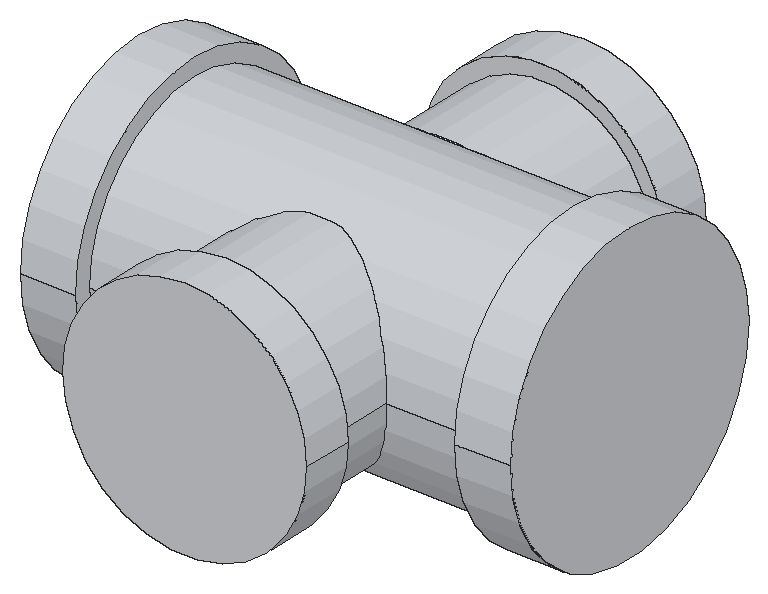
Revit family "2c2a92dbc0ab4ef08b61f9750ee63ff3", category Pipe Fittings, Revit 2021
Family settings
  Round Connector Dimension = Use Radius
  Part Type = Cross
  OmniClass Number = 23.60.30.11.14
  OmniClass Title = Pipework Fittings
  Seek Item ID = Cross Reducing - Threaded - MI - Class 150-0000-USA-ENU
  Work Plane-Based = No
  Always vertical = Yes
  Cut with Voids When Loaded = No
  Shared = No
Parameters (values of type "Standard")
  Tick Size 4 [instance] = Fitting Outside Diameter 4 * 0.4  # 0.41953"
  Tick Size 3 [instance] = Fitting Outside Diameter 3 * 0.4  # 0.41953"
  Tick Size 2 [instance] = Fitting Outside Diameter 2 * 0.4  # 0.51654"
  Tick Size 1 [instance] = Fitting Outside Diameter 1 * 0.4  # 0.51654"
  Max Band Outside Radius 12 [instance] = if(Band Outside Radius 1 > Band Outside Radius 2, Band Outside Radius 1, Band Outside Radius 2)  # 0.72835"
  Nominal Radius 4 [instance] = 1/4"
  Nominal Radius 3 [instance] = 1/4"
  Nominal Radius 2 [instance] = 3/8"
  Nominal Radius 1 [instance] = 3/8"
  Nominal Diameter 4 [instance] = Nominal Radius 4 * 2  # 1/2"
  Nominal Diameter 3 [instance] = Nominal Radius 3 * 2  # 1/2"
  Nominal Diameter 2 [instance] = Nominal Radius 2 * 2  # 3/4"
  Nominal Diameter 1 [instance] = Nominal Radius 1 * 2  # 3/4"
  Metal Thickness 4 [instance] = size_lookup(Lookup Table Name, "MThk", 0.04 * Nominal Diameter 4 + 11/128", Nominal Diameter 4)  # 0.10512"
  Metal Thickness 3 [instance] = size_lookup(Lookup Table Name, "MThk", 0.04 * Nominal Diameter 3 + 11/128", Nominal Diameter 3)  # 0.10512"
  Metal Thickness 2 [instance] = size_lookup(Lookup Table Name, "MThk", 0.04 * Nominal Diameter 2 + 11/128", Nominal Diameter 2)  # 0.12008"
  Metal Thickness 1 [instance] = size_lookup(Lookup Table Name, "MThk", 0.04 * Nominal Diameter 1 + 11/128", Nominal Diameter 1)  # 0.12008"
  Loss Method = Not Defined
  Lookup Table Name = "Cross Reducing - Threaded - MI - Class 150"
  Length 2 [instance] = Length Label 3 - Band Width 4  # 0.97244"
  Length 1 [instance] = Length Label 2 - Band Width 3  # 0.97244"
  Length Label 3 [instance] = if(not(Angle 2 = 90.00°), if(not(Center to End 2 < C4 Length 4), Center to End 2, C4 Length 4), Center to End 2)  # 1.22047"
  Length Label 2 [instance] = if(not(Angle 1 = 90.00°), if(not(Center to End 2 < C3 Length 4), Center to End 2, C3 Length 4), Center to End 2)  # 1.22047"
  Length Label 1 [instance] = if(or(not(Angle 1 = 90.00°), not(Angle 2 = 90.00°)), if(not(Center to End 1 < C1 Length 9), Center to End 1, C1 Length 9), Center to End 1)  # 1.20079"
  Default Elevation = 0' - 0"
  C4 Length 4 [instance] = if(Angle 2 < 90.00°, C4 Length 1, if(Angle 2 = 90.00°, C4 Length 2, C4 Length 3))  # 1.4685"
  C4 Length 3 [instance] = if(Angle 2 > 90.00°, Max Band Outside Radius 12 / sin(180.00° - Angle 2) + Band Outside Radius 4 / tan(180.00° - Angle 2), 0") + Band Width 4  # 0.24803"
  C4 Length 2 [instance] = if(Angle 2 = 90.00°, Center to End 2, 0") + Band Width 4  # 1.4685"
  C4 Length 1 [instance] = if(Angle 2 < 90.00°, Max Band Outside Radius 12 / sin(Angle 2) + Band Outside Radius 4 / tan(Angle 2), 0") + Band Width 4  # 0.24803"
  C3 Length 4 [instance] = if(Angle 1 < 90.00°, C3 Length 1, if(Angle 1 = 90.00°, C3 Length 2, C3 Length 3))  # 1.4685"
  C3 Length 3 [instance] = if(Angle 1 > 90.00°, Max Band Outside Radius 12 / sin(180.00° - Angle 1) + Band Outside Radius 3 / tan(180.00° - Angle 1), 0") + Band Width 3  # 0.24803"
  C3 Length 2 [instance] = if(Angle 1 = 90.00°, Center to End 2, 0") + Band Width 3  # 1.4685"
  C3 Length 1 [instance] = if(Angle 1 < 90.00°, Max Band Outside Radius 12 / sin(Angle 1) + Band Outside Radius 3 / tan(Angle 1), 0") + Band Width 3  # 0.24803"
  C1 Length 9 [instance] = if(C1 Length 8 > C1 Length 4, C1 Length 8, C1 Length 4)  # 1.47244"
  C1 Length 8 [instance] = if(Angle 2 < 90.00°, C1 Length 5, if(Angle 2 = 90.00°, C1 Length 6, C1 Length 7))  # 1.47244"
  C1 Length 7 [instance] = if(Angle 2 > 90.00°, Max Band Outside Radius 12 / tan(180.00° - Angle 2) + Band Outside Radius 4 / sin(180.00° - Angle 2), 0") + Max Band Width 12  # 0.27165"
  C1 Length 6 [instance] = if(Angle 2 = 90.00°, Center to End 1, 0") + Max Band Width 12  # 1.47244"
  C1 Length 5 [instance] = if(Angle 2 < 90.00°, Max Band Outside Radius 12 / tan(Angle 2) + Band Outside Radius 4 / sin(Angle 2), 0") + Max Band Width 12  # 0.27165"
  C1 Length 4 [instance] = if(Angle 1 < 90.00°, C1 Length 1, if(Angle 1 = 90.00°, C1 Length 2, C1 Length 3))  # 1.47244"
  C1 Length 3 [instance] = if(Angle 1 > 90.00°, Max Band Outside Radius 12 / tan(180.00° - Angle 1) + Band Outside Radius 3 / sin(180.00° - Angle 1), 0") + Max Band Width 12  # 0.27165"
  C1 Length 2 [instance] = if(Angle 1 = 90.00°, Center to End 1, 0") + Max Band Width 12  # 1.47244"
  C1 Length 1 [instance] = if(Angle 1 < 90.00°, Max Band Outside Radius 12 / tan(Angle 1) + Band Outside Radius 3 / sin(Angle 1), 0") + Max Band Width 12  # 0.27165"
  Fitting Outside Radius 4 [instance] = Fitting Outside Diameter 4 / 2  # 0.52441"
  Fitting Outside Radius 3 [instance] = Fitting Outside Diameter 3 / 2  # 0.52441"
  Fitting Outside Radius 2 [instance] = Fitting Outside Diameter 2 / 2  # 0.64567"
  Fitting Outside Radius 1 [instance] = Fitting Outside Diameter 1 / 2  # 0.64567"
  Fitting Outside Diameter 4 [instance] = Fitting Inside Diameter 4 + Metal Thickness 4 * 2  # 1.04882"
  Fitting Outside Diameter 3 [instance] = Fitting Inside Diameter 3 + Metal Thickness 3 * 2  # 1.04882"
  Fitting Outside Diameter 2 [instance] = Fitting Inside Diameter 2 + Metal Thickness 2 * 2  # 1.29134"
  Fitting Outside Diameter 1 [instance] = Fitting Inside Diameter 1 + Metal Thickness 1 * 2  # 1.29134"
  Fitting Inside Diameter 4 [instance] = size_lookup(Lookup Table Name, "FID", 1.08 * Nominal Diameter 4 + 13/64", Nominal Diameter 4)  # 0.83858"
  Fitting Inside Diameter 3 [instance] = size_lookup(Lookup Table Name, "FID", 1.08 * Nominal Diameter 3 + 13/64", Nominal Diameter 3)  # 0.83858"
  Fitting Inside Diameter 2 [instance] = size_lookup(Lookup Table Name, "FID", 1.08 * Nominal Diameter 2 + 13/64", Nominal Diameter 2)  # 1.05118"
  Fitting Inside Diameter 1 [instance] = size_lookup(Lookup Table Name, "FID", 1.08 * Nominal Diameter 1 + 13/64", Nominal Diameter 1)  # 1.05118"
  Max Nominal Diameter 34 [instance] = if(Nominal Diameter 3 > Nominal Diameter 4, Nominal Diameter 3, Nominal Diameter 4)  # 1/2"
  Max Nominal Diameter 12 [instance] = if(Nominal Diameter 1 > Nominal Diameter 2, Nominal Diameter 1, Nominal Diameter 2)  # 3/4"
  Center to End 2 [instance] = size_lookup(Lookup Table Name, "CtE2", 183/256" + 0.55 * Max Nominal Diameter 12 + 0.24 * Max Nominal Diameter 34, Nominal Diameter 1, Nominal Diameter 2, Nominal Diameter 3, Nominal Diameter 4)  # 1.22047"
  Center to End 1 [instance] = size_lookup(Lookup Table Name, "CtE1", 183/256" + 0.24 * Max Nominal Diameter 12 + 0.55 * Max Nominal Diameter 34, Nominal Diameter 1, Nominal Diameter 2, Nominal Diameter 3, Nominal Diameter 4)  # 1.20079"
  Max Band Width 12 [instance] = if(Band Width 1 > Band Width 2, Band Width 1, Band Width 2)  # 0.27165"
  Band Width 4 [instance] = size_lookup(Lookup Table Name, "BWid", 0.12 * Nominal Diameter 4 + 45/256", Nominal Diameter 4)  # 0.24803"
  Band Width 3 [instance] = size_lookup(Lookup Table Name, "BWid", 0.12 * Nominal Diameter 3 + 45/256", Nominal Diameter 3)  # 0.24803"
  Band Width 2 [instance] = size_lookup(Lookup Table Name, "BWid", 0.12 * Nominal Diameter 2 + 45/256", Nominal Diameter 2)  # 0.27165"
  Band Width 1 [instance] = size_lookup(Lookup Table Name, "BWid", 0.12 * Nominal Diameter 1 + 45/256", Nominal Diameter 1)  # 0.27165"
  Band Outside Radius 4 [instance] = Band Outside Diameter 4 / 2  # 0.59843"
  Band Outside Radius 3 [instance] = Band Outside Diameter 3 / 2  # 0.59843"
  Band Outside Radius 2 [instance] = Band Outside Diameter 2 / 2  # 0.72835"
  Band Outside Radius 1 [instance] = Band Outside Diameter 1 / 2  # 0.72835"
  Band Outside Diameter 4 [instance] = size_lookup(Lookup Table Name, "BOD", 1.23 * Nominal Diameter 4 + 125/256", Nominal Diameter 4)  # 1.19685"
  Band Outside Diameter 3 [instance] = size_lookup(Lookup Table Name, "BOD", 1.23 * Nominal Diameter 3 + 125/256", Nominal Diameter 3)  # 1.19685"
  Band Outside Diameter 2 [instance] = size_lookup(Lookup Table Name, "BOD", 1.23 * Nominal Diameter 2 + 125/256", Nominal Diameter 2)  # 1.45669"
  Band Outside Diameter 1 [instance] = size_lookup(Lookup Table Name, "BOD", 1.23 * Nominal Diameter 1 + 125/256", Nominal Diameter 1)  # 1.45669"
  Angle 2 [instance] = 90.00°
  Angle 1 [instance] = 90.00°
Reference planes (in)
  plane 1 "Center (Front/Back)": y = 0
  plane 2: z = 0
  plane 3 "Center (Left/Right)": x = 0
  plane 4: x = -1.20079
  plane 5: x = 1.20079
  plane 6: x = -0.92913
  plane 7: x = 0.92913
  plane 8: y = 0.51654
  plane 9: y = -0.51654
  plane 10: y = 0.51654
  plane 11: y = -0.51654
Forms (in)
  Blend 1, solid, detail levels fine
    base sketch origin (0, 0, 0) x (0, 1, 0) y (0, 0, 1)
      loop
        circle (0, 0) r 0.64567
    top sketch origin (0, 0, 0) x (0, 1, 0) y (0, 0, 1)
      loop
        circle (0, 0) r 0.64567
    from -0.92913 to 0.92913
  Sweep 2, solid, detail levels fine
    path in 3D
      loop
        line (-1.20079, 0, 0) -> (-0.92913, 0, 0)
    profile origin (-1.06496, 0, 0) x (0, 1, 0) y (0, 0, 1)
      loop
        circle (0, 0) r 0.72835
  Sweep 3, solid, detail levels fine
    path in 3D
      loop
        line (0.92913, 0, 0) -> (1.20079, 0, 0)
    profile origin (1.06496, 0, 0) x (0, 1, 0) y (0, 0, 1)
      loop
        circle (0, 0) r 0.72835
  Sweep 4, solid, detail levels fine
    path in 3D
      loop
        line (0, 0, 0) -> (0, -0.97244, 0)
    profile origin (0, -0.48622, 0) x (1, 0, 0) y (0, 0, 1)
      loop
        circle (0, 0) r 0.52441
  Sweep 5, solid, detail levels fine
    path in 3D
      loop
        line (0, -0.97244, 0) -> (0, -1.22047, 0)
    profile origin (0, -1.09646, 0) x (1, 0, 0) y (0, 0, 1)
      loop
        circle (0, 0) r 0.59843
  Sweep 6, solid, detail levels fine
    path in 3D
      loop
        line (0, 0, 0) -> (0, 0.97244, 0)
    profile origin (0, 0.48622, 0) x (-1, 0, 0) y (0, 0, 1)
      loop
        circle (0, 0) r 0.52441
  Sweep 7, solid, detail levels fine
    path in 3D
      loop
        line (0, 0.97244, 0) -> (0, 1.22047, 0)
    profile origin (0, 1.09646, 0) x (-1, 0, 0) y (0, 0, 1)
      loop
        circle (0, 0) r 0.59843
Cuts and joins
  joined: Blend 1, Sweep 2, Sweep 3, Sweep 4, Sweep 5, Sweep 6, Sweep 7
Lines and regions (in)
  model lines, detail levels coarse+medium
    curve 1: line (-1.20079, 0, 0) -> (-0.92913, 0, 0)
    curve 2: line (0.92913, 0, 0) -> (1.20079, 0, 0)
    curve 3: line (-0.92913, 0, 0) -> (0.92913, 0, 0)
    curve 6: line (0, 0, 0) -> (0, -0.97244, 0)
    curve 8: line (0, -0.97244, 0) -> (0, -1.22047, 0)
    curve 10: line (0, 0, 0) -> (0, 0.97244, 0)
    curve 12: line (0, 0.97244, 0) -> (0, 1.22047, 0)
    curve 16: line (-1.20079, 0.51654, 0) -> (-1.20079, -0.51654, 0)
    curve 17: line (1.20079, 0.51654, 0) -> (1.20079, -0.51654, 0)
    curve 18: line (0, -1.22047, 0) -> (0.41953, -1.22047, 0)
    curve 19: line (0, -1.22047, 0) -> (-0.41953, -1.22047, 0)
    curve 20: line (0, 1.22047, 0) -> (0.41953, 1.22047, 0)
    curve 21: line (0, 1.22047, 0) -> (-0.41953, 1.22047, 0)
  sketch lines
    curve 4: line (-1.20079, 0, 0) -> (-0.92913, 0, 0)
    curve 5: line (0.92913, 0, 0) -> (1.20079, 0, 0)
    curve 7: line (0, 0, 0) -> (0, -0.97244, 0)
    curve 9: line (0, -0.97244, 0) -> (0, -1.22047, 0)
    curve 11: line (0, 0, 0) -> (0, 0.97244, 0)
    curve 13: line (0, 0.97244, 0) -> (0, 1.22047, 0)
  reference lines
    curve 14: line (-1.20079, 0, 0) -> (-0.92913, 0, 0)
    curve 15: line (0.92913, 0, 0) -> (1.20079, 0, 0)
    curve 22: line (0, 0, 0) -> (0, 1.22047, 0)
    curve 23: line (0, 1.22047, 0) -> (0, 0.97244, 0)
    curve 24: line (0, 0, 0) -> (0, -1.22047, 0)
    curve 25: line (0, -1.22047, 0) -> (0, -0.97244, 0)
Dimensions and locks (in)
  "Band Width 1": plane 4 to plane 6
  "Band Width 2": plane 7 to plane 5
  "Length Label 1": plane 4 to plane 3 "Center (Left/Right)"
  "Length Label 1": plane 3 "Center (Left/Right)" to plane 5
  "Length 1": curve 6 to curve 6
  "Band Width 3": curve 8 to curve 8
  "Length 2": curve 10 to curve 10
  "Band Width 4": curve 12 to curve 12
  "Tick Size 3": curve 18 to curve 18
  "Tick Size 3": curve 19 to curve 19
  "Tick Size 4": curve 20 to curve 20
  "Tick Size 4": curve 21 to curve 21
  "Tick Size 2": plane 10 to plane 1 "Center (Front/Back)"
  "Tick Size 2": plane 1 "Center (Front/Back)" to plane 11
  "Tick Size 1": plane 8 to plane 1 "Center (Front/Back)"
  "Tick Size 1": plane 1 "Center (Front/Back)" to plane 9
  "Length Label 3": curve 22 to curve 22
  "Length Label 2": curve 24 to curve 24
  "Fitting Outside Radius 1": radius of Blend 1 sketch curve
  "Fitting Outside Radius 2": radius of Blend 1 sketch curve
  "Band Outside Radius 1": radius of Sweep 2 sketch curve
  "Band Outside Radius 2": radius of Sweep 3 sketch curve
  "Fitting Outside Radius 3": radius of Sweep 4 sketch curve
  "Band Outside Radius 3": radius of Sweep 5 sketch curve
  "Fitting Outside Radius 4": radius of Sweep 6 sketch curve
  "Band Outside Radius 4": radius of Sweep 7 sketch curve
  "Angle 1": angle curve 6 to plane 1 "Center (Front/Back)"
  "Angle 1": angle curve 8 to plane 1 "Center (Front/Back)"
  "Angle 2": angle plane 1 "Center (Front/Back)" to curve 10
  "Angle 2": angle plane 1 "Center (Front/Back)" to curve 12
  locked: curve 18 to curve 8 (angle 90.00°)
  locked: curve 8 to curve 19 (angle 90.00°)
  locked: curve 12 to curve 20 (angle 90.00°)
  locked: curve 21 to curve 12 (angle 90.00°)
  "Angle 2": angle plane 1 "Center (Front/Back)" to curve 22
  "Angle 2": angle plane 1 "Center (Front/Back)" to curve 23
  "Angle 1": angle curve 24 to plane 1 "Center (Front/Back)"
  "Angle 1": angle curve 25 to plane 1 "Center (Front/Back)"
  aligned and locked: plane 4 to curve 1
  aligned and locked: plane 1 "Center (Front/Back)" to curve 1
  aligned and locked: plane 5 to curve 2
  aligned and locked: plane 6 to curve 3
  aligned and locked: plane 7 to curve 3
  aligned and locked: plane 1 "Center (Front/Back)" to curve 3
  aligned and locked: plane 2 to Blend 1 sketch curve  (x2)
  aligned and locked: plane 1 "Center (Front/Back)" to Blend 1 sketch curve  (x2)
  aligned and locked: Blend 1 to plane 6
  aligned and locked: plane 7 to Blend 1
  aligned and locked: plane 3 "Center (Left/Right)" to curve 6
  aligned and locked: plane 1 "Center (Front/Back)" to curve 10
  aligned and locked: plane 3 "Center (Left/Right)" to curve 10
  aligned and locked: plane 4 to curve 14
  aligned and locked: plane 1 "Center (Front/Back)" to curve 14
  aligned and locked: plane 5 to curve 15
  aligned and locked: plane 1 "Center (Front/Back)" to curve 15
  aligned and locked: plane 8 to curve 16
  aligned and locked: curve 16 to plane 9
  aligned and locked: curve 16 to plane 4
  aligned and locked: plane 10 to curve 17
  aligned and locked: plane 11 to curve 17
  aligned and locked: curve 17 to plane 5
  aligned and locked: plane 1 "Center (Front/Back)" to curve 24
  aligned and locked: plane 3 "Center (Left/Right)" to curve 24
Automatic sketch dimensions
  Sweep 2 sketch curve to profile plane = 0' - 0"  (x2)
  Sweep 3 sketch curve to profile plane = 0' - 0"  (x2)
  Sweep 4 sketch curve to profile plane = 0' - 0"  (x2)
  Sweep 5 sketch curve to profile plane = 0' - 0"  (x2)
  Sweep 6 sketch curve to profile plane = 0' - 0"  (x2)
  Sweep 7 sketch curve to profile plane = 0' - 0"  (x2)
  curve 14 to plane 6 = 0' - 0"
  curve 15 to plane 7 = 0' - 0"
Connectors (in)
  piping at (-1.20079, 0, 0), diameter 0.75, driven by "Nominal Radius 1"
    settings: on cut or joined group of Blend 1, Sweep 2, Sweep 3, Sweep 4, Sweep 5, Sweep 6, Sweep 7, index 1, connector inside diameter 3/4", connector length 0' - 0", flow factor 0, pipe flow 0 GPM, pressure drop 0.00 psi, fitting loss kfactor 0, connector angle 0.00°, fixture units 0, engagement length 0' - 0", angle of deflection 0.00°, flow configuration 0, flow direction 0, fitting loss method 0, system type 28, joint type 0, gender type 0, connector reference index 2, connector utility 0, adjustable connector no, is connector primary yes, connector description ""
  piping at (1.20079, 0, 0), diameter 0.75, driven by "Nominal Radius 2"
    settings: on cut or joined group of Blend 1, Sweep 2, Sweep 3, Sweep 4, Sweep 5, Sweep 6, Sweep 7, index 2, connector inside diameter 3/4", connector length 0' - 0", flow factor 0, pipe flow 0 GPM, pressure drop 0.00 psi, fitting loss kfactor 0, connector angle 0.00°, fixture units 0, engagement length 0' - 0", angle of deflection 0.00°, flow configuration 0, flow direction 0, fitting loss method 0, system type 28, joint type 0, gender type 0, connector reference index 1, connector utility 0, adjustable connector no, is connector primary no, connector description ""
  piping at (0, -1.22047, 0), diameter 0.5, driven by "Nominal Radius 3", driven by "Angle 1"
    settings: on cut or joined group of Blend 1, Sweep 2, Sweep 3, Sweep 4, Sweep 5, Sweep 6, Sweep 7, index 3, connector inside diameter 1/2", connector length 0' - 0", flow factor 0, pipe flow 0 GPM, pressure drop 0.00 psi, fitting loss kfactor 0, connector angle 90.00°, fixture units 0, engagement length 0' - 0", angle of deflection 0.00°, flow configuration 0, flow direction 0, fitting loss method 0, system type 28, joint type 0, gender type 0, connector reference index 4, connector utility 0, adjustable connector no, is connector primary no, connector description ""
  piping at (0, 1.22047, 0), diameter 0.5, driven by "Nominal Radius 4", driven by "Angle 2"
    settings: on cut or joined group of Blend 1, Sweep 2, Sweep 3, Sweep 4, Sweep 5, Sweep 6, Sweep 7, index 4, connector inside diameter 1/2", connector length 0' - 0", flow factor 0, pipe flow 0 GPM, pressure drop 0.00 psi, fitting loss kfactor 0, connector angle 90.00°, fixture units 0, engagement length 0' - 0", angle of deflection 0.00°, flow configuration 0, flow direction 0, fitting loss method 0, system type 28, joint type 0, gender type 0, connector reference index 3, connector utility 0, adjustable connector no, is connector primary no, connector description ""
